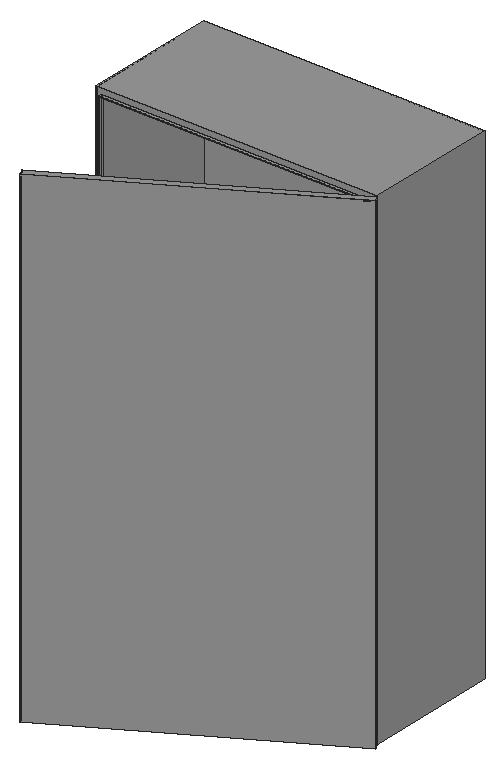
Revit family "Hager-Univers-IP55-D400-H1400-Cl.II-Steel_encl-NoHosted-DE-de", category Equipement électrique, Revit 2020
Family settings
  Configuration du panneau = Deux colonnes, circuits au sein
  Cote de connecteur circulaire = Utiliser le diamètre
  Type d'élément = Tableau de raccordement
  Basée sur le plan de construction = Oui
  Toujours verticalement = Oui
  Couper avec des vides une fois chargée = Non
  Partagée = Non
  Point de calcul de pièce = Non
Parameters (values of type "Aufputz IP55 B800 H1400 T400  - FR93H")
  Width Control [instance] = if([EF000008 - Breite] > Min Width, [EF000008 - Breite], Min Width)  # 800 mm
  Commentaires du type = [HG000003 - Bereich]  # "Univers"
  Thickness Door [instance] = if([EF009171 - Materialstärke Tür/Deckel] > 3 mm, 3 mm, [EF009171 - Materialstärke Tür/Deckel])  # 1.5 mm
  Seal Frame Offset [instance] = 17 mm  # constant formula
  Plinth Visibility [instance] = [HG000027 - Sockelhöhe] > 0 mm  # no
  Min Width [instance] = 100 mm  # constant formula
  Min Depth [instance] = (2 * [EF009170 - Materialstärke Gehäuse]) + 1 mm  # 4 mm
  Min Height [instance] = 100 mm  # constant formula
  Internal Frame Depth [instance] = (Door System Depth * 0.5)  # 9 mm
  Panel Name [instance] = ""  # (empty or 0)
  Model = ""
  HG000027 - Sockelhöhe = 0 mm
  HG000026 - Stehend auf dem Boden = no
  HG000024 - Höhe des unteren Teils = 600 mm
  HG000023 - Gehäuse mit doppeltem Querschnitt = no
  HG000016 - 3D-Türsichtbarkeit [instance] = yes
  HG000015 - Sichtbarkeit der Türöffnung [instance] = no
  HG000014 - Tür rechts [instance] = yes
  HG000013 - Tür links [instance] = not([HG000014 - Tür rechts])  # no
  HG000012 - Türschwenkwinkel [instance] = 30.00°
  HG000010 - Asymmetrische Türen = no
  HG000009 - Doppelflügeligen Tür = no
  HG000006 - Unterputz = no
  HG000004 - Herstellerreferenz = "FR93H"
  HG000003 - Bereich = "Univers"
  HG000002 - Mit tür = yes
  Frame Offset Bottom [instance] = 10 mm  # constant formula
  Frame Offset [instance] = 15 mm  # constant formula
  EF015940 - Deckel mit Überdruckentlastung = no
  EF011959 - Schutzart (NEMA) = ""
  EF009554 - Anzahl der Öffnungen für Flanschplatten = 6
  EF009212 - Ausführung Deckel = "EV000116 - geschlossen"
  EF009171 - Materialstärke Tür/Deckel = 1.5 mm
  EF009170 - Materialstärke Gehäuse = 1.5 mm
  EF008873 - Nennstrom (In) = 800 A
  EF007800 - Geeignet für Blitzschutz = no
  EF006306 - Mit Schloss = no
  EF006244 - Transparenter Deckel/Tür = no
  EF005474 - Schutzart (IP) = "EV006420 - IP55"
  EF004464 - Art der Tür = "EV002646 - Einzel"
  EF004427 - Anzahl der Module = 324
  EF004293 - Schlagfestigkeit = "EV008784 - IK10"
  EF003532 - Geeignet für Außengebrauch = no
  EF002950 - Breite in Teilungseinheiten = 24
  EF001613 - Funktionserhalt = "EV000494 - ohne"
  EF001596 - Werkstoff des Gehäuses = "EV000179 - Stahl"
  EF001131 - Innentiefe = 400 mm
  EF001088 - Anbaumöglichkeit = yes
  EF000437 - Anzahl der Leitungseinführungen = 6
  EF000339 - Art der Abdeckung = "EV004216 - Tür"
  EF000266 - Anzahl der Reihen = 9
  EF000218 - Einbautiefe = 0 mm
  EF000118 - Mit Montageplatte = no
  EF000116 - RAL-Nummer = "7035"
  EF000049 - Tiefe = 400 mm
  EF000040 - Höhe = 1400 mm
  EF000008 - Breite = 800 mm
  EF000007 - Farbe = "EV000270 - grau"
  EF000003 - Montageart = "EV000384 - Aufputz"
  Door System Leaf Tolerance [instance] = 1.5 mm  # constant formula
  Door System Depth [instance] = 18 mm  # constant formula
  Door Height [instance] = Height Control - [HG000027 - Sockelhöhe]  # 1400 mm
  Description = ""
  Default Elevation = 1219.2 mm
  Connector Offset [instance] = Height Control / 2  # 700 mm
  Fabricant = "Hager"  # constant formula
  Height Control [instance] = if([EF000040 - Höhe] > Min Height, [EF000040 - Höhe], Min Height)  # 1400 mm
  Depth Control [instance] = if([EF000049 - Tiefe] > Min Depth, [EF000049 - Tiefe], Min Depth)  # 400 mm
  Bottom Top Plate Trim [instance] = 1.5 mm  # constant formula
  Plinth height Ctrl [instance] = if([HG000027 - Sockelhöhe] > 0 mm, [HG000027 - Sockelhöhe], 12 mm)  # 12 mm
Types (3, lengths in mm): name | Width Control | HG000009 - Doppelflügeligen Tür | HG000004 - Herstellerreferenz | EF009554 - Anzahl der Öffnungen für Flanschplatten | EF004464 - Art der Tür | EF004427 - Anzahl der Module | EF000437 - Anzahl der Leitungseinführungen | EF000008 - Breite
  Aufputz IP55 B1050 H1400 T400  - FR94H | 1050 | yes | "FR94H" | 8 | "EV003602 - Doppel" | 432 | 8 | 1050
  Aufputz IP55 B550 H1400 T400  - FR92H | 550 | no | "FR92H" | 4 | "EV002646 - Einzel" | 216 | 4 | 550
  Aufputz IP55 B800 H1400 T400  - FR93H | 800 | no | "FR93H" | 6 | "EV002646 - Einzel" | 324 | 6 | 800
Reference planes
  plane 1 "Center (Front/Back)": y = 0
  plane 2: z = 0
  plane 3 "Center (Left/Right)": x = 0
  plane 4: y = 0
  plane 5: y = 0
  plane 6: z = 0
  plane 7: x = -400
  plane 8: x = 400
  plane 9: x = 398.5
  plane 10: x = -398.5
  plane 11: z = 0
  plane 12: z = 1.5
  plane 13: y = -400
  plane 14: y = -1.5
  plane 15: x = 0
  plane 16: y = -382
  plane 17: y = -398.5
  plane 18: y = -380.5
  plane 19: x = -383.5
  plane 20: x = 383.5
  plane 21: z = 11.5
  plane 22: x = -383
  plane 23: x = 383
  plane 24: z = 0
  plane 25: z = 1400
  plane 26: z = 1400
  plane 27: z = 1383.5
  plane 28: z = 1398.5
Forms (mm)
  Extrusion 1, solid, material "Hager_Steel_RAL7035_Light_Grey", detail levels medium+fine
    sketch origin (-208.679, -4572, 0) x (-1, 0, 0) y (0, -1, 0)
      loop
        line (191.321, -4190) -> (-608.679, -4190) -> (-608.679, -4572) -> (191.321, -4572) -> (191.321, -4190)
    from 0 to 1400
  Extrusion 2, void
    sketch origin (-350.771, -400, 1219.2) x (1, 0, 0) y (0, 0, 1)
      loop
        line (-47.729, 179.3) -> (-47.729, -1217.7) -> (749.271, -1217.7) -> (749.271, 179.3) -> (-47.729, 179.3)
    from -19.5 to -398.5
  Extrusion 3, void
    sketch origin (-290.084, -382, 1219.2) x (1, 0, 0) y (0, 0, 1)
      loop
        line (-93.416, -1207.7) -> (673.584, -1207.7) -> (673.584, 164.3) -> (-93.416, 164.3) -> (-93.416, -1207.7)
    from 0 to -1.5
  Extrusion 4, solid, material "Hager_Steel_RAL7035_Light_Grey", visible <- "Plinth Visibility", detail levels medium+fine
    sketch origin (0, 0, 0) x (1, 0, 0) y (0, 1, 0)
      loop
        line (-400, 0) -> (-400, -382) -> (400, -382) -> (400, 0) -> (-400, 0)
    from 0 to 12 <- "Plinth height Ctrl"
  Extrusion 5, solid, material "Hager_Steel_RAL7035_Light_Grey", detail levels coarse
    sketch origin (0, 0, 0) x (1, 0, 0) y (0, 1, 0)
      loop
        line (-400, 0) -> (-400, -400) -> (400, -400) -> (400, 0) -> (-400, 0)
    from 0 to 1400 <- "Height Control"
  Sweep 6, void
    path in 3D
      loop
        line (-400, -382, 12) -> (400, -382, 12) -> (400, 0, 12) -> (-400, 0, 12) -> (-400, -382, 12)
    profile origin (-400, -191, 12) x (1, 0, 0) y (0, 0, 1)
      loop
        line (0, 0) -> (0, -1.5) -> (1.5, -1.5)
        arc (1.5, -1.5) -> (1.061, -0.439) -> (0, 0) r 1.5
  Extrusion 7, solid, material "Hager_Steel_RAL7035_Light_Grey", detail levels fine
    sketch origin (-400, -382, 0) x (1, 0, 0) y (0, 0, 1)
      loop
        line (16.5, 11.5) -> (783.5, 11.5) -> (783.5, 1383.5) -> (16.5, 1383.5) -> (16.5, 11.5)
      loop
        line (15, 10) -> (785, 10) -> (785, 1385) -> (15, 1385) -> (15, 10)
    from 0 to 9 <- "Internal Frame Depth"
Cuts and joins
  Extrusion 2, Extrusion 3 cuts Extrusion 1
  Sweep 6 cuts Extrusion 4
Lines and regions (mm)
  Masking region 1
    outline origin (0, 0, 0) x (1, 0, 0) y (0, 1, 0)
      loop
        line (-400, 0) -> (-400, -400) -> (400, -400) -> (400, 0) -> (-400, 0)
  Masking region 2, detail levels coarse
    outline origin (-290.084, -382, 1219.2) x (-1, 0, 0) y (0, 0, 1)
      loop
        line (-690.084, -1219.2) -> (109.916, -1219.2) -> (109.916, 180.8) -> (-690.084, 180.8) -> (-690.084, -1219.2)
  Masking region 3, detail levels coarse
    outline origin (0, 0, 0) x (0, 1, 0) y (0, 0, 1)
      loop
        line (0, 0) -> (0, 1400) -> (-400, 1400) -> (-400, 0) -> (0, 0)
  Masking region 4, visible <- "Plinth Visibility", detail levels medium+fine
    outline origin (0, 0, 0) x (0, 1, 0) y (0, 0, 1)
      loop
        line (-1.5, 12) -> (-380.5, 12)
        arc (-380.5, 12) -> (-380.939, 10.939) -> (-382, 10.5) r 1.5
        line (-382, 10.5) -> (-382, 0) -> (0, 0) -> (0, 10.5)
        arc (0, 10.5) -> (-1.061, 10.939) -> (-1.5, 12) r 1.5
  Masking region 5, detail levels medium+fine
    outline origin (0, 0, 594.038) x (0, 1, 0) y (0, 0, 1)
      loop
        line (0, -594.038) -> (0, 805.962) -> (-382, 805.962) -> (-382, -594.038) -> (0, -594.038)
  Masking region 6, detail levels medium+fine
    outline origin (-359.7, -382, 1211.883) x (-1, 0, 0) y (0, 0, 1)
      loop
        line (-759.7, -1211.883) -> (40.3, -1211.883) -> (40.3, 188.117) -> (-759.7, 188.117) -> (-759.7, -1211.883)
  Masking region 7, visible <- "Plinth Visibility", detail levels medium+fine
    outline origin (-320.334, -382, 1041.368) x (-1, 0, 0) y (0, 0, 1)
      loop
        line (-720.334, -1041.368) -> (79.666, -1041.368) -> (79.666, -1030.868)
        arc (79.666, -1030.868) -> (78.606, -1030.429) -> (78.166, -1029.368) r 1.5
        line (78.166, -1029.368) -> (-718.834, -1029.368)
        arc (-718.834, -1029.368) -> (-719.273, -1030.429) -> (-720.334, -1030.868) r 1.5
        line (-720.334, -1030.868) -> (-720.334, -1041.368)
  sketch lines
    curve 1: line (-400, 0, 12) -> (-400, -382, 12)
    curve 2: line (-400, -382, 12) -> (400, -382, 12)
    curve 3: line (400, 0, 12) -> (-400, 0, 12)
    curve 4: line (400, -382, 12) -> (400, 0, 12)
Dimensions and locks
  locked: plane 1 "Center (Front/Back)" to plane 5
  "EF009170 - Materialstärke Gehäuse": plane 7 to plane 10
  "EF009170 - Materialstärke Gehäuse": plane 8 to plane 9
  equal spacing: plane 7, plane 3 "Center (Left/Right)", plane 8
  "Width Control": plane 7 to plane 8
  "Depth Control": plane 4 to plane 13
  "EF009170 - Materialstärke Gehäuse": plane 4 to plane 14
  "Height Control": plane 25 to level
  "HG000027 - Sockelhöhe": plane 11 to level
  "EF009170 - Materialstärke Gehäuse": plane 12 to plane 11
  "EF009170 - Materialstärke Gehäuse": plane 17 to plane 13
  "EF009170 - Materialstärke Gehäuse": plane 18 to plane 16
  "Frame Offset Bottom": plane 21 to plane 12
  "Frame Offset": plane 10 to plane 19
  "Frame Offset": plane 9 to plane 20
  "Door System Depth": plane 16 to plane 13
  "Seal Frame Offset": plane 7 to plane 22
  "Seal Frame Offset": plane 8 to plane 23
  "EF009170 - Materialstärke Gehäuse": plane 26 to plane 28
  "Frame Offset": plane 28 to plane 27
  "Connector Offset": plane 2 to connector elem
  "Bottom Top Plate Trim": profile plane to Sweep 6 sketch curve
  "Bottom Top Plate Trim": Sweep 6 sketch curve to Sweep 6 sketch curve
  "Plinth height Ctrl": Masking region 4 sketch curve to level
  "Plinth height Ctrl": Masking region 7 sketch curve to level
  "Thickness Door": Extrusion 7 sketch curve to Extrusion 7 sketch curve  (x4)
  "Bottom Top Plate Trim": radius of Sweep 6 sketch curve
  "Bottom Top Plate Trim": radius of Masking region 4 sketch curve  (x2)
  "Bottom Top Plate Trim": radius of Masking region 7 sketch curve  (x2)
  aligned and locked: Extrusion 2 sketch curve to plane 12
  aligned and locked: Extrusion 2 sketch curve to plane 9
  aligned and locked: Extrusion 2 sketch curve to plane 10
  aligned and locked: Extrusion 2 to plane 14
  aligned and locked: Extrusion 1 sketch curve to plane 4
  aligned and locked: plane 8 to Extrusion 1 sketch curve
  aligned and locked: plane 7 to Extrusion 1 sketch curve
  aligned and locked: Extrusion 2 to plane 18
  aligned and locked: Extrusion 3 sketch curve to plane 19
  aligned and locked: plane 20 to Extrusion 3 sketch curve
  aligned and locked: Extrusion 3 to Extrusion 2
  aligned and locked: Extrusion 3 sketch curve to plane 21
  aligned and locked: plane 3 "Center (Left/Right)" to nested 1
  aligned and locked: Extrusion 1 sketch curve to plane 16
  aligned and locked: Extrusion 4 sketch curve to cut or joined group of Extrusion 1, Extrusion 2, Extrusion 3
  aligned and locked: Masking region 1 sketch curve to plane 7
  aligned and locked: Masking region 1 sketch curve to plane 5
  aligned and locked: Masking region 1 sketch curve to plane 8
  aligned and locked: Masking region 2 sketch curve to level
  aligned and locked: level to Masking region 3 sketch curve
  aligned and locked: plane 1 "Center (Front/Back)" to Masking region 3 sketch curve
  aligned and locked: plane 13 to Masking region 3 sketch curve
  aligned and locked: plane 5 to Masking region 4 sketch curve
  aligned and locked: Masking region 2 sketch curve to plane 8
  aligned and locked: Masking region 2 sketch curve to plane 7
  aligned and locked: plane 7 to nested 2
  aligned and locked: nested 2 to plane 5
  aligned and locked: plane 5 to Masking region 5 sketch curve
  aligned and locked: plane 26 to Masking region 5 sketch curve
  aligned and locked: Extrusion 5 sketch curve to plane 8
  aligned and locked: Extrusion 5 sketch curve to plane 7
  aligned and locked: Extrusion 5 sketch curve to plane 5
  aligned and locked: Extrusion 3 sketch curve to plane 27
  aligned and locked: Extrusion 2 sketch curve to plane 28
  aligned and locked: Masking region 2 to plane 25
  aligned and locked: Extrusion 4 to plane 16
  aligned and locked: profile plane to Sweep 6 sketch curve
  aligned and locked: Masking region 5 sketch curve to plane 24
  aligned and locked: level to Masking region 4 sketch curve
  aligned and locked: Masking region 1 to plane 13
  aligned and locked: nested 1 to plane 16
  aligned and locked: Masking region 3 to plane 25
  aligned and locked: plane 16 to Masking region 4 sketch curve
  aligned and locked: Masking region 5 sketch curve to plane 16
  aligned and locked: plane 24 to plane 11
  aligned and locked: plane 26 to plane 25
  aligned and locked: plane 26 to cut or joined group of Extrusion 1, Extrusion 2, Extrusion 3
  aligned and locked: nested 1 to plane 24
  aligned and locked: Extrusion 1 to Extrusion 3
  aligned and locked: Masking region 6 sketch curve to plane 8
  aligned and locked: Masking region 6 sketch curve to plane 24
  aligned and locked: Masking region 6 sketch curve to plane 7
  aligned and locked: Masking region 6 sketch curve to plane 26
  aligned and locked: Masking region 7 sketch curve to plane 7
  aligned and locked: level to Masking region 7 sketch curve
  aligned and locked: Masking region 7 sketch curve to plane 8
  aligned and locked: Extrusion 7 sketch curve to cut or joined group of Extrusion 1, Extrusion 2, Extrusion 3  (x4)
Automatic sketch dimensions
  plane 19 to Extrusion 3 sketch curve = 0 mm
  Extrusion 3 sketch curve to plane 20 = 0 mm
  Extrusion 3 sketch curve to plane 21 = 0 mm
  Extrusion 4 sketch curve to plane 7 = 0 mm
  Extrusion 4 sketch curve to plane 8 = 0 mm
  Extrusion 4 sketch curve to plane 16 = 0 mm
  Masking region 1 sketch curve to plane 13 = 0 mm
  Masking region 2 sketch curve to plane 25 = 0 mm
  Masking region 3 sketch curve to plane 25 = 0 mm
  Extrusion 5 sketch curve to plane 13 = 0 mm
  profile plane to Sweep 6 sketch curve = 0 mm
Nested families
  nested 1: "EC000058_Univers_Door" at (0, -382, 0), Double <- "HG000009 - Doppelflügeligen Tür", Transparent <- "EF006244 - Transparenter Deckel/Tür", Angle <- "HG000012 - Türschwenkwinkel", Door_Right <- "HG000014 - Tür rechts", Assymetrical <- "HG000010 - Asymmetrische Türen", Door <- "HG000002 - Mit tür", Width_Ctrl <- "Width Control", 3d_Door <- "HG000016 - 3D-Türsichtbarkeit", Clearance <- "HG000015 - Sichtbarkeit der Türöffnung", Door_Left <- "HG000013 - Tür links", Width <- "Width Control", Door_Depth <- "Door System Depth", Leaf_Tolerance <- "Door System Leaf Tolerance", Height <- "Door Height", Lock_Visibility <- "EF006306 - Mit Schloss", Thickness <- "Thickness Door", type "EC000058_Univers_Door", detail levels medium+fine
    with min_wh 4 mm, Width_Ctrl 800 mm, Width 800 mm, Transparent no, Thickness 1.5 mm, Seal_Material Hager_Rubber, Lock_Visibility no, Lock_Material Hager_Plastic_RAL9005_Jet_Black, Leaf_Width 800 mm, Leaf_Tolerance_External_Sides 0 mm, Leaf_Tolerance 1.5 mm, Leaf_Offset 0 mm, Leaf_Height 1397 mm, Leaf_2_Width 800 mm, Leaf_2_Offset 400 mm, Leaf_1_Width 800 mm, Leaf_1_Offset 400 mm, Height_Ctrl 1400 mm, Height 1400 mm, Glass_Material Hager_Glass, Double_Clearance_Ctrl no, Double no, Door_Right_Ctrl yes, Door_Right yes, Door_Material Hager_Steel_RAL7035_Light_Grey, Door_Left_Ctrl no, Door_Left no, Door_Depth 18 mm, Door yes, Clearance_Material Hager_Clearance, Clearance_Depth 800 mm, Clearance_Ctrl no, Clearance no, Assymetrical no, Angle 30.00°, 3d_Door yes
  nested 2: "Hager_Enclosure_Symbol" at (-400, 0, 0), Height <- "Depth Control", Width <- "Width Control", type "Hager_Enclosure_Symbol"
    with Width_Ctrl 800 mm, Width 800 mm, Height_Ctrl 400 mm, Height 400 mm, A_Width_Int 26.25 mm, A_Width 315 mm, A_Height_Ctrl 350 mm, A_Height 350 mm
Connectors
  electrical at (0, 0, 700)
    settings: on plane 1 "Center (Front/Back)", index 1, voltage 0 V, apparent load 0 VA, apparent load phase1 0 VA, apparent load phase2 0 VA, apparent load phase3 0 VA, power factor 1, load classification "Other", number of poles 1, system type 30, power factor state 1, is connector primary yes, connector utility no, sub classification motor no, connector description ""
Definition of nested family "EC000058_Univers_Door"
  Parameters (values of type "EC000058_Univers_Door")
    min_wh [instance] = (2 * Thickness) + 1 mm  # 11 mm
    Width_Ctrl [instance] = 400 mm
    Width [instance] = 500 mm
    Transparent [instance] = yes
    Thickness [instance] = 5 mm
    Seal_Material [instance] = none
    Lock_Visibility [instance] = yes
    Lock_Material [instance] = none
    Leaf_Width [instance] = if((Width_Ctrl - 2 * Leaf_Tolerance_External_Sides) > 0 mm, (Width_Ctrl - 2 * Leaf_Tolerance_External_Sides), min_wh)  # 400 mm
    Leaf_Tolerance_External_Sides [instance] = 0 mm  # constant formula
    Leaf_Tolerance [instance] = 1.5 mm
    Leaf_Offset [instance] = 0 mm  # constant formula
    Leaf_Height [instance] = if((Height_Ctrl - 2 * Leaf_Tolerance) > 0 mm, (Height_Ctrl - 2 * Leaf_Tolerance), min_wh)  # 497 mm
    Leaf_2_Width [instance] = if(and(and(Double, Assymetrical), Door_Left), (Leaf_Width / 3) - (Leaf_Tolerance / 2), if(and(and(Double, Assymetrical), Door_Right), (Leaf_Width / 3) * 2 - (Leaf_Tolerance / 2), if(and(Double, not(Assymetrical)), (Leaf_Width / 2) - Leaf_Tolerance, Leaf_Width)))  # 400 mm
    Leaf_2_Offset [instance] = if(and(Double, Assymetrical), Leaf_2_Width / 2, if(and(Double, not(Assymetrical)), Leaf_Width / 4, Leaf_Width / 2))  # 200 mm
    Leaf_1_Width [instance] = if(and(and(Double, Assymetrical), Door_Right), (Leaf_Width / 3) - (Leaf_Tolerance / 2), if(and(and(Double, Assymetrical), Door_Left), (Width / 3) * 2 - (Leaf_Tolerance / 2), if(and(Double, not(Assymetrical)), (Leaf_Width / 2) - Leaf_Tolerance, Leaf_Width)))  # 400 mm
    Leaf_1_Offset [instance] = if(and(Double, Assymetrical), Leaf_1_Width / 2, if(and(Double, not(Assymetrical)), Leaf_Width / 4, Leaf_Width / 2))  # 200 mm
    Height_Ctrl [instance] = if(Height > min_wh, Height, min_wh)  # 500 mm
    Height [instance] = 500 mm
    Glass_Material [instance] = none
    Double_Clearance_Ctrl [instance] = and(Double, Clearance)  # no
    Double [instance] = no
    Door_Right_Ctrl [instance] = and(or(Door_Right, Double), Door)  # yes
    Door_Right [instance] = yes
    Door_Material [instance] = none
    Door_Left_Ctrl [instance] = and(or(Door_Left, Double), Door)  # no
    Door_Left [instance] = no
    Door_Depth [instance] = 30 mm
    Door [instance] = yes
    Default Elevation = 1219.2 mm
    Clearance_Material [instance] = none
    Clearance_Depth [instance] = if(Leaf_1_Width > Leaf_2_Width, Leaf_1_Width, Leaf_2_Width)  # 400 mm
    Clearance_Ctrl [instance] = and(not(Double), Clearance)  # yes
    Clearance [instance] = yes
    Assymetrical [instance] = yes
    Angle [instance] = 30.00°
    3d_Door [instance] = yes
  Reference planes
    plane 1 "Center (Front/Back)": y = 0
    plane 2 "Bottom": z = 0
    plane 3 "Center (Left/Right)": x = 0
    plane 4: z = 500
    plane 5: x = -200
    plane 6: x = 200
    plane 7: z = 500
    plane 8: x = -200
    plane 9: z = 0
    plane 10: x = 200
    plane 11: y = 0
    plane 12: z = 1.5
    plane 13: x = -600
    plane 14: y = -400
    plane 15: x = 600
    plane 16: x = 0
    plane 17: x = 0
    plane 18: x = -200
    plane 19: x = 200
    plane 20: z = 498.5
  Forms (mm)
    Extrusion 1, solid, material <- "Clearance_Material", visible <- "Double_Clearance_Ctrl"
      sketch origin (1200, 0, 0) x (1, 0, 0) y (0, 0, -1)
        loop
          line (-1800, -498.5) -> (-600, -498.5) -> (-600, 0) -> (-1800, 0) -> (-1800, -498.5)
      from 0 to -400
  Dimensions and locks
    equal spacing: plane 5, plane 3 "Center (Left/Right)", plane 6
    "Width_Ctrl": plane 5 to plane 6
    "Leaf_Offset": plane 5 to plane 8
    "Leaf_Offset": plane 6 to plane 10
    "Leaf_Offset": plane 9 to level
    "Leaf_Offset": plane 4 to plane 7
    "Height_Ctrl": plane 4 to level
    "Leaf_Tolerance": plane 12 to plane 9
    locked: plane 11 to plane 1 "Center (Front/Back)"
    "Leaf_1_Offset": plane 18 to plane 16
    "Leaf_2_Offset": plane 17 to plane 19
    "Leaf_1_Width": plane 13 to plane 8
    "Leaf_2_Width": plane 10 to plane 15
    "Clearance_Depth": plane 14 to plane 1 "Center (Front/Back)"
    "Leaf_Tolerance_External_Sides": plane 8 to plane 18
    "Leaf_Tolerance_External_Sides": plane 19 to plane 10
    "Leaf_Tolerance": plane 7 to plane 20
    aligned and locked: level to plane 2 "Bottom"
    aligned and locked: nested 1 to plane 16
    aligned and locked: nested 2 to plane 17
    aligned and locked: Extrusion 1 to plane 13
    aligned and locked: plane 15 to Extrusion 1
    aligned and locked: Extrusion 1 to plane 14
    aligned and locked: plane 12 to nested 1
    aligned and locked: nested 2 to plane 12
    aligned and locked: Extrusion 1 to plane 11
    aligned and locked: plane 20 to Extrusion 1
    aligned and locked: nested 2 to plane 11
    aligned and locked: nested 1 to plane 11
  Automatic sketch dimensions
    Extrusion 1 sketch curve to level = 0 mm
    plane 5 to Extrusion 1 sketch curve = 400 mm
    plane 6 to Extrusion 1 sketch curve = 400 mm
    Extrusion 1 sketch curve to plane 4 = 1.5 mm
  Nested families
    nested 1: "EC000058_Univers_Door_Leaf" at (0, 0, 1.5), Width <- "Leaf_1_Width", visible <- "Door_Left_Ctrl", Leaf_Height <- "Leaf_Height", Angle <- "Angle", 3d_Door <- "3d_Door", Transparent <- "Transparent", Clearance Material <- "Clearance_Material", Clearance <- "Clearance_Ctrl", Door_Material <- "Door_Material", Glass_Material <- "Glass_Material", Door_Depth <- "Door_Depth", Lock_Material <- "Lock_Material", Seal_Material <- "Seal_Material", Lock_Visibility <- "Lock_Visibility", Thickness <- "Thickness", type "EC000058_Univers_Door_Leaf"
      with Width 400 mm, Transparent_Glass_Offset 30 mm, Transparent_Ctrl yes, Transparent yes, Thickness 5 mm, Standard no, Seal_Material none, Seal_D2 8 mm, Seal_D1 1 mm, Offset_Internal_Frame 10 mm, Lock_Width 20 mm, Lock_Visibility_3d yes, Lock_Visibility yes, Lock_Thickness_3 3 mm, Lock_Thickness_2 1 mm, Lock_Thickness_1 3 mm, Lock_Radius_Offset_2 16 mm, Lock_Radius_Offset_1 15 mm, Lock_Radius_2 5 mm, Lock_Radius 6 mm, Lock_Offset 5 mm, Lock_Material none, Lock_Height 80 mm, Lock_Cover_Top_Offset_2d 17 mm, Lock_Cover_Height -65 mm, Leaf_Height 497 mm, Internal_Seal_Thickness 8 mm, Internal_Seal_Depth_2 4.5 mm, Internal_Frame_Depth 25 mm, Glass_Thickness -1 mm, Glass_Offset -2 mm, Glass_Material none, Door_Material none, Door_Depth 30 mm, Clearance Material none, Clearance yes, Angle_Ctrl 30.00°, Angle 30.00°, 3d_Door yes
    nested 2: "EC000058_Univers_Door_Leaf" at (0, 0, 1.5) x (-1, 0, 0) z (0, 0, 1), Width <- "Leaf_2_Width", visible <- "Door_Right_Ctrl", Leaf_Height <- "Leaf_Height", Angle <- "Angle", 3d_Door <- "3d_Door", Transparent <- "Transparent", Clearance Material <- "Clearance_Material", Clearance <- "Clearance_Ctrl", Door_Material <- "Door_Material", Glass_Material <- "Glass_Material", Door_Depth <- "Door_Depth", Lock_Material <- "Lock_Material", Seal_Material <- "Seal_Material", Lock_Visibility <- "Lock_Visibility", Thickness <- "Thickness", type "EC000058_Univers_Door_Leaf"
      with Width 400 mm, Transparent_Glass_Offset 30 mm, Transparent_Ctrl yes, Transparent yes, Thickness 5 mm, Standard no, Seal_Material none, Seal_D2 8 mm, Seal_D1 1 mm, Offset_Internal_Frame 10 mm, Lock_Width 20 mm, Lock_Visibility_3d yes, Lock_Visibility yes, Lock_Thickness_3 3 mm, Lock_Thickness_2 1 mm, Lock_Thickness_1 3 mm, Lock_Radius_Offset_2 16 mm, Lock_Radius_Offset_1 15 mm, Lock_Radius_2 5 mm, Lock_Radius 6 mm, Lock_Offset 5 mm, Lock_Material none, Lock_Height 80 mm, Lock_Cover_Top_Offset_2d 17 mm, Lock_Cover_Height -65 mm, Leaf_Height 497 mm, Internal_Seal_Thickness 8 mm, Internal_Seal_Depth_2 4.5 mm, Internal_Frame_Depth 25 mm, Glass_Thickness -1 mm, Glass_Offset -2 mm, Glass_Material none, Door_Material none, Door_Depth 30 mm, Clearance Material none, Clearance yes, Angle_Ctrl 30.00°, Angle 30.00°, 3d_Door yes
  Definition of nested family "EC000058_Univers_Door_Leaf"
    Parameters (values of type "EC000058_Univers_Door_Leaf")
      Width [instance] = 2000 mm
      Transparent_Glass_Offset [instance] = 30 mm
      Transparent_Ctrl [instance] = and(Transparent, [3d_Door])  # yes
      Transparent [instance] = yes
      Thickness [instance] = 5 mm
      Standard [instance] = and(not(Transparent), [3d_Door])  # no
      Seal_Material [instance] = none
      Seal_D2 [instance] = 8 mm  # constant formula
      Seal_D1 [instance] = 1 mm  # constant formula
      Offset_Internal_Frame [instance] = 10 mm  # constant formula
      Lock_Width [instance] = 20 mm  # constant formula
      Lock_Visibility_3d [instance] = and(Lock_Visibility, [3d_Door])  # yes
      Lock_Visibility [instance] = yes
      Lock_Thickness_3 [instance] = 3 mm  # constant formula
      Lock_Thickness_2 [instance] = 1 mm  # constant formula
      Lock_Thickness_1 [instance] = 3 mm  # constant formula
      Lock_Radius_Offset_2 [instance] = Lock_Radius_Offset_1 + 1 mm  # 16 mm
      Lock_Radius_Offset_1 [instance] = 15 mm  # constant formula
      Lock_Radius_2 [instance] = Lock_Radius - 1 mm  # 5 mm
      Lock_Radius [instance] = 6 mm  # constant formula
      Lock_Offset [instance] = 5 mm  # constant formula
      Lock_Material [instance] = none
      Lock_Height [instance] = 80 mm  # constant formula
      Lock_Cover_Top_Offset_2d [instance] = Lock_Radius_Offset_2 + 1 mm  # 17 mm
      Lock_Cover_Height [instance] = -(Lock_Height - Lock_Radius_Offset_1)  # -65 mm
      Leaf_Height [instance] = 2720.336 mm
      Internal_Seal_Thickness [instance] = 8 mm  # constant formula
      Internal_Seal_Depth_2 [instance] = 4.5 mm  # constant formula
      Internal_Frame_Depth [instance] = if(Door_Depth - Thickness > 5 mm, Door_Depth - Thickness, 5 mm)  # 25 mm
      Glass_Thickness [instance] = if(Thickness > 15 mm, Glass_Offset + 10 mm, -1 mm)  # -1 mm
      Glass_Offset [instance] = if(Thickness > 15 mm, -(Thickness + 10 mm) / 2, -2 mm)  # -2 mm
      Glass_Material [instance] = none
      Door_Material [instance] = none
      Door_Depth [instance] = 30 mm
      Default Elevation = 0 mm
      Clearance Material [instance] = none
      Clearance [instance] = yes
      Angle_Ctrl [instance] = if(Angle > 180.00°, 180.00°, Angle)  # 90.00°
      Angle [instance] = 90.00°
      3d_Door [instance] = yes
    Reference planes
      plane 1 "Center (Front/Back)": y = 0
      plane 2: z = 0
      plane 3 "Center (Left/Right)": x = 0
      plane 4: y = 2000
      plane 5: x = -1000
      plane 6: x = 1000
      plane 7: x = -3000
      plane 8: z = 2720.336
      plane 9: z = 30
      plane 10: z = 2690.336
      plane 11: x = 970
      plane 12: x = -970
      plane 13: y = -3
      plane 14: z = 107.833
      plane 15: y = -5
      plane 16: y = -223.314
      plane 17: x = -1000
      plane 18: z = 1360.168
      plane 19: y = 30
    Forms (mm)
      Extrusion 1, solid, material <- "Clearance Material", visible <- "Clearance"
        sketch origin (0, 0, 0) x (1, 0, 0) y (0, 0, 1)
          loop
            line (-3000, 2720.336) -> (-3000, 0) -> (1000, 0) -> (1000, 2720.336) -> (-3000, 2720.336)
        from 0 to -2000
      Extrusion 2, solid, material <- "Door_Material", visible <- "Standard", detail levels medium+fine
        sketch origin (-1000, 0, 0) x (0, 1, 0) y (-1, 0, 0)
          loop
            line (0, 30) -> (0, 25) -> (2000, 25) -> (2000, 30) -> (0, 30)
        from 0 to 2720.336 <- "Leaf_Height"
      Extrusion 3, solid, material <- "Door_Material", visible <- "Transparent_Ctrl", detail levels medium+fine
        sketch origin (-1000, 0, 0) x (0, 1, 0) y (-1, 0, 0)
          loop
            line (0, 25) -> (2000, 25) -> (2000, 30) -> (0, 30) -> (0, 25)
        from 0 to 2720.336 <- "Leaf_Height"
      Extrusion 4, void
        sketch origin (-1025, 2000, 0) x (0, 1, 0) y (0, 0, -1)
          loop
            line (-30, -2690.336) -> (-30, -30) -> (-1970, -30) -> (-1970, -2690.336) -> (-30, -2690.336)
        from 0 to 5 <- "Thickness"
      Sweep 5, solid, material <- "Seal_Material", visible <- "Transparent_Ctrl", detail levels fine
        path in 3D
          loop
            line (-1025, 30, 30) -> (-1025, 30, 2690.336) -> (-1025, 1970, 2690.336) -> (-1025, 1970, 30) -> (-1025, 30, 30)
        profile origin (-1025, 1000, 30) x (1, 0, 0) y (0, 0, 1)
          loop
            line (0, 0) -> (0, -8) -> (1, -8) -> (1, 0) -> (0, 0)
      Extrusion 6, solid, material <- "Glass_Material", visible <- "Transparent_Ctrl", detail levels medium+fine
        sketch origin (-1030, 0, 0) x (0, 1, 0) y (0, 0, -1)
          loop
            line (1970, -2690.336) -> (1970, -30) -> (30, -30) -> (30, -2690.336) -> (1970, -2690.336)
        from -2 <- "Glass_Offset" to -1 <- "Glass_Thickness"
      Extrusion 7, solid, material <- "Door_Material", visible <- "3d_Door", detail levels medium+fine
        sketch origin (-1025, 2000, 0) x (0, -1, 0) y (0, 0, -1)
          loop
            line (0, -2720.336) -> (2000, -2720.336) -> (2000, 0) -> (0, 0) -> (0, -2720.336)
          loop
            line (1995, -5) -> (5, -5) -> (5, -2715.336) -> (1995, -2715.336) -> (1995, -5)
        from 0 to 25 <- "Internal_Frame_Depth"
      Sweep 8, solid, material <- "Seal_Material", visible <- "Transparent_Ctrl", detail levels fine
        path in 3D
          loop
            line (-1025, 0, 0) -> (-1025, 2000, 0) -> (-1025, 2000, 2720.336) -> (-1025, 0, 2720.336) -> (-1025, 0, 0)
        profile origin (-1025, 0, 1360.168) x (1, 0, 0) y (0, 1, 0)
          loop
            line (0, 10) -> (2.975, 10)
            arc (2.975, 10) -> (4.053, 10.447) -> (4.5, 11.525) r 1.525
            line (4.5, 11.525) -> (4.5, 16.527)
            arc (4.5, 16.527) -> (4.069, 17.569) -> (3.027, 18) r 1.473
            line (3.027, 18) -> (0, 18) -> (0, 10)
      Extrusion 9, solid, material <- "Lock_Material", visible <- "Lock_Visibility_3d", detail levels fine
        sketch origin (-1030, 0, 0) x (0, 1, 0) y (0, 0, -1)
          loop
            arc (1993.5, -1400.168) -> (1994.561, -1399.729) -> (1995, -1398.668) r 1.5
            line (1995, -1398.668) -> (1995, -1320.168) -> (1975, -1320.168) -> (1975, -1398.668)
            arc (1975, -1398.668) -> (1975.439, -1399.729) -> (1976.5, -1400.168) r 1.5
            line (1976.5, -1400.168) -> (1993.5, -1400.168)
        from 3 <- "Lock_Thickness_1" to 0
      Blend 10, solid, material <- "Lock_Material", visible <- "Lock_Visibility_3d", detail levels fine
        base sketch origin (-1033, 0, 0) x (0, 1, 0) y (0, 0, -1)
          loop
            line (1975, -1320.168) -> (1975, -1398.668)
            arc (1975, -1398.668) -> (1975.439, -1399.729) -> (1976.5, -1400.168) r 1.5
            line (1976.5, -1400.168) -> (1993.5, -1400.168)
            arc (1993.5, -1400.168) -> (1994.561, -1399.729) -> (1995, -1398.668) r 1.5
            line (1995, -1398.668) -> (1995, -1320.168) -> (1975, -1320.168)
        top sketch origin (-1033, 0, 0) x (0, 1, 0) y (0, 0, -1)
          loop
            line (1976, -1320.168) -> (1976, -1398.668)
            arc (1976, -1398.668) -> (1976.146, -1399.022) -> (1976.5, -1399.168) r 0.5
            line (1976.5, -1399.168) -> (1993.5, -1399.168)
            arc (1993.5, -1399.168) -> (1993.854, -1399.022) -> (1994, -1398.668) r 0.5
            line (1994, -1398.668) -> (1994, -1320.168) -> (1976, -1320.168)
        from 0 to 1 <- "Lock_Thickness_2"
      Blend 11, solid, material <- "Lock_Material", visible <- "Lock_Visibility_3d", detail levels fine
        base sketch origin (-1034, 0, 0) x (0, 1, 0) y (0, 0, -1)
          loop
            line (1978, -1320.168) -> (1978, -1384.168)
            arc (1978, -1384.168) -> (1985, -1391.168) -> (1992, -1384.168) r 7
            line (1992, -1384.168) -> (1992, -1320.168) -> (1978, -1320.168)
        top sketch origin (-1034, 0, 0) x (0, 1, 0) y (0, 0, -1)
          loop
            line (1991, -1320.168) -> (1979, -1320.168) -> (1979, -1383.168)
            arc (1979, -1383.168) -> (1985, -1389.168) -> (1991, -1383.168) r 6
            line (1991, -1383.168) -> (1991, -1320.168)
        from 0 to 3 <- "Lock_Thickness_3"
      Extrusion 12, solid, material <- "Lock_Material", visible <- "Lock_Visibility_3d", detail levels fine
        sketch origin (-1030, 1975, 1320.168) x (1, 0, 0) y (0, -1, 0)
          loop
            line (-7, -19) -> (-7, -1) -> (0, -1) -> (0, 0) -> (-8, 0) -> (-8, -20) -> (0, -20) -> (0, -19) -> (-7, -19)
        from 0 to -65 <- "Lock_Cover_Height"
      Extrusion 13, void
        sketch origin (-1038, 1995, 1320.168) x (-1, 0, 0) y (0, 0, -1)
          loop
            line (-5, -65) -> (0, -65) -> (-5, -60) -> (-5, -65)
        from 0 to 20 <- "Lock_Width"
      Extrusion 14, void
        sketch origin (-1038, 1975, 1320.168) x (0, -1, 0) y (0, 0, -1)
          loop
            circle (-10, -15.995) r 6
          loop
            circle (-10, -15.995) r 5
        from 0 to 2
      Extrusion 15, solid, material <- "Lock_Material", visible <- "Lock_Visibility_3d", detail levels medium
        sketch origin (-1030, 0, 0) x (0, 1, 0) y (0, 0, -1)
          loop
            arc (1993.5, -1400.168) -> (1994.561, -1399.729) -> (1995, -1398.668) r 1.5
            line (1995, -1398.668) -> (1995, -1320.168) -> (1975, -1320.168) -> (1975, -1398.668)
            arc (1975, -1398.668) -> (1975.439, -1399.729) -> (1976.5, -1400.168) r 1.5
            line (1976.5, -1400.168) -> (1993.5, -1400.168)
        from 8 to 0
    Cuts and joins
      Extrusion 4 cuts Extrusion 3
      Extrusion 13, Extrusion 14 cuts Extrusion 9
      Extrusion 14 cuts Blend 11
      Extrusion 13, Extrusion 14 cuts Extrusion 12
      joined: Extrusion 9, Blend 10, Blend 11, Extrusion 12
      Extrusion 14 cuts Extrusion 15
    Lines and regions (mm)
      Masking region 1, visible <- "Lock_Visibility", detail levels fine
        outline origin (0, 0, 0) x (0, 1, 0) y (0, 0, 1)
          loop
            line (30, 1320.168) -> (33, 1320.168) -> (33, 1400.168) -> (30, 1400.168) -> (30, 1320.168)
      Masking region 2, visible <- "Lock_Visibility", detail levels fine
        outline origin (0, 3.143, 0) x (0, 1, 0) y (0, 0, 1)
          loop
            line (29.857, 1354.168) -> (30.857, 1354.168) -> (30.857, 1366.168) -> (29.857, 1366.168) -> (29.857, 1354.168)
      Masking region 3, detail levels medium+fine
        outline origin (0, 0, 0) x (0, 1, 0) y (0, 0, 1)
          loop
            line (0, 0) -> (30, 0) -> (30, 2720.336) -> (0, 2720.336) -> (0, 0)
      Masking region 4, detail levels medium+fine
        outline origin (0, 0, 0) x (1, 0, 0) y (0, 0, 1)
          loop
            line (-1000, 2720.336) -> (-1000, 0) -> (1000, 0) -> (1000, 2720.336) -> (-1000, 2720.336)
      Masking region 5, visible <- "Lock_Visibility", detail levels fine
        outline origin (-47.116, 0, 0) x (1, 0, 0) y (0, 0, 1)
          loop
            arc (1024.616, 1399.168) -> (1023.556, 1398.729) -> (1023.116, 1397.668) r 1.5
            line (1023.116, 1397.668) -> (1023.116, 1320.168) -> (1041.116, 1320.168) -> (1041.116, 1397.668)
            arc (1041.116, 1397.668) -> (1040.677, 1398.729) -> (1039.616, 1399.168) r 1.5
            line (1039.616, 1399.168) -> (1024.616, 1399.168)
      Masking region 6, visible <- "Lock_Visibility", detail levels medium+fine
        outline origin (-25, 0, 0) x (1, 0, 0) y (0, 0, 1)
          loop
            arc (1001.5, 1400.168) -> (1000.439, 1399.729) -> (1000, 1398.668) r 1.5
            line (1000, 1398.668) -> (1000, 1320.168) -> (1020, 1320.168) -> (1020, 1398.668)
            arc (1020, 1398.668) -> (1019.561, 1399.729) -> (1018.5, 1400.168) r 1.5
            line (1018.5, 1400.168) -> (1001.5, 1400.168)
      Masking region 7, visible <- "Lock_Visibility", detail levels fine
        outline origin (-73.735, 0, 0) x (1, 0, 0) y (0, 0, 1)
          loop
            line (1051.735, 1382.168) -> (1065.735, 1382.168) -> (1065.735, 1384.168)
            arc (1065.735, 1384.168) -> (1058.735, 1391.168) -> (1051.735, 1384.168) r 7
            line (1051.735, 1384.168) -> (1051.735, 1382.168)
      Masking region 8, visible <- "Lock_Visibility", detail levels fine
        outline origin (-73.735, 0, 0) x (1, 0, 0) y (0, 0, 1)
          loop
            line (1052.735, 1382.168) -> (1064.735, 1382.168) -> (1064.735, 1383.168)
            arc (1064.735, 1383.168) -> (1058.735, 1389.168) -> (1052.735, 1383.168) r 6
            line (1052.735, 1383.168) -> (1052.735, 1382.168)
      Masking region 9, visible <- "Lock_Visibility", detail levels fine
        outline origin (-25, 0, 0) x (1, 0, 0) y (0, 0, 1)
          loop
            line (1020, 1320.168) -> (1020, 1382.168) -> (1000, 1382.168) -> (1000, 1320.168) -> (1020, 1320.168)
      Masking region 10, detail levels medium+fine
        outline origin (0, 0, 0) x (1, 0, 0) y (0, 0, 1)
          loop
            circle (985, 1335.144) r 6
      Masking region 11, detail levels fine
        outline origin (0, 0, 0) x (1, 0, 0) y (0, 0, 1)
          loop
            circle (985, 1335.144) r 5
      Masking region 12, visible <- "Lock_Visibility", detail levels fine
        outline origin (0, 12.767, 0) x (0, 1, 0) y (0, 0, 1)
          loop
            line (20.233, 1320.168) -> (21.233, 1320.168) -> (21.233, 1399.168) -> (20.233, 1400.168) -> (20.233, 1320.168)
      Masking region 13, visible <- "Lock_Visibility", detail levels fine
        outline origin (0, 13.767, -10) x (0, 1, 0) y (0, 0, 1)
          loop
            line (20.233, 1330.168) -> (23.233, 1330.168) -> (23.233, 1399.168) -> (20.233, 1402.168) -> (20.233, 1330.168)
      Masking region 14, visible <- "Lock_Visibility", detail levels fine
        outline origin (0, 12.767, -10) x (0, 1, 0) y (0, 0, 1)
          loop
            line (20.233, 1330.168) -> (25.233, 1330.168) -> (25.233, 1399.305) -> (20.233, 1394.305) -> (20.233, 1330.168)
      Masking region 15, visible <- "Lock_Visibility", detail levels medium
        outline origin (0, 0, 0) x (0, 1, 0) y (0, 0, 1)
          loop
            line (30, 1320.168) -> (38, 1320.168) -> (38, 1400.168) -> (30, 1400.168) -> (30, 1320.168)
      Masking region 16, visible <- "Lock_Visibility", detail levels fine
        outline origin (-1000, 0, 0) x (0, 1, 0) y (-1, 0, 0)
          loop
            line (1975, 30) -> (1995, 30) -> (1995, 38) -> (1975, 38) -> (1975, 30)
          loop
            line (1979, 37) -> (1976, 37) -> (1976, 34) -> (1978, 34) -> (1979, 37)
          loop
            line (1994, 37) -> (1991, 37) -> (1992, 34) -> (1994, 34) -> (1994, 37)
      Masking region 17, visible <- "Lock_Visibility", detail levels medium
        outline origin (-1000, 0, 0) x (0, 1, 0) y (-1, 0, 0)
          loop
            line (1975, 30) -> (1995, 30) -> (1995, 38) -> (1975, 38) -> (1975, 30)
      symbolic lines
        curve 1: line (1000, 0, 0) -> (-3000, 0, 0)
        curve 2: arc (1000, 0, 0) -> (-1000, 2000, 0) -> (-3000, 0, 0) r 2000
        curve 4: line (-1030, 0, 0) -> (-1030, 2000, 0)
      reference lines
        curve 3: line (-1000, 0, 0) -> (-1000, 2000, 0)
      symbolic lines, detail levels medium+fine
        curve 5: line (-1030, 2000, 0) -> (-1025, 2000, 0)
        curve 7: line (-1025, 0, 0) -> (-1030, 0, 0)
        curve 8: line (-1025, 0, 0) -> (-1000, 0, 0)
        curve 9: line (-1000, 0, 0) -> (-1000, 2000, 0)
        curve 10: line (-1000, 2000, 0) -> (-1025, 2000, 0)
      symbolic lines, detail levels fine
        curve 6: line (-1025, 2000, 0) -> (-1025, 0, 0)
      sketch lines
        curve 11: line (-1025, 0, 2720.336) -> (-1025, 0, 0)
        curve 12: line (-1025, 2000, 0) -> (-1025, 0, 0)
        curve 13: line (-1025, 2000, 2720.336) -> (-1025, 2000, 0)
        curve 14: line (-1025, 0, 2720.336) -> (-1025, 2000, 2720.336)
        curve 15: line (-1025, 1970, 30) -> (-1025, 30, 30)
        curve 16: line (-1025, 30, 30) -> (-1025, 30, 2690.336)
        curve 17: line (-1025, 1970, 2690.336) -> (-1025, 1970, 30)
        curve 18: line (-1025, 30, 2690.336) -> (-1025, 1970, 2690.336)
      symbolic lines, visible <- "Transparent", detail levels medium+fine
        curve 19: line (-970, 0, 2690.336) -> (970, 0, 2690.336)
        curve 20: line (-970, 0, 30) -> (-970, 0, 2690.336)
        curve 21: line (970, 0, 30) -> (-970, 0, 30)
        curve 22: line (970, 0, 2690.336) -> (970, 0, 30)
    Dimensions and locks
      "Width": plane 1 "Center (Front/Back)" to plane 4
      equal spacing: plane 5, plane 3 "Center (Left/Right)", plane 6
      "Width": plane 5 to plane 6
      "Width": plane 7 to plane 5
      "Leaf_Height": plane 8 to level
      "Width": curve 5 to curve 3
      "Width": curve 3 to curve 3
      plane 8 to plane 10 = 30 mm
      plane 9 to level = 30 mm
      plane 12 to plane 5 = 30 mm
      plane 6 to plane 11 = 30 mm
      Extrusion 1 to Extrusion 4 sketch curve = 30 mm
      "Transparent_Glass_Offset": curve 3 to Extrusion 4 sketch curve
      "Transparent_Glass_Offset": Extrusion 4 sketch curve to cut or joined group of Extrusion 3, Extrusion 4  (x2)
      cut or joined group of Extrusion 3, Extrusion 4 to Extrusion 6 sketch curve = 30 mm
      "Transparent_Glass_Offset": cut or joined group of Extrusion 3, Extrusion 4 to Extrusion 4 sketch curve
      "Thickness": curve 6 to curve 4
      "Thickness": Extrusion 7 sketch curve to Extrusion 7 sketch curve  (x4)
      "Door_Depth": curve 4 to curve 3
      "Offset_Internal_Frame": profile plane to Sweep 8 sketch curve
      "Internal_Seal_Thickness": Sweep 8 sketch curve to Sweep 8 sketch curve
      "Internal_Seal_Depth_2": profile plane to Sweep 8 sketch curve
      "Seal_D1": profile plane to Sweep 5 sketch curve
      "Seal_D2": profile plane to Sweep 5 sketch curve
      "Thickness": Extrusion 2 sketch curve to Extrusion 2 sketch curve
      equal spacing: Extrusion 9 sketch curve, plane 18, Extrusion 9 sketch curve  (x2)
      equal spacing: Masking region 1 sketch curve, plane 18, Masking region 1 sketch curve
      "Lock_Height": Masking region 1 sketch curve to Masking region 1 sketch curve
      "Lock_Radius": Masking region 2 sketch curve to plane 18 to Masking region 2 sketch curve
      Masking region 2 sketch curve to Masking region 1 = 1 mm
      "Door_Depth": plane 19 to plane 1 "Center (Front/Back)"
      "Lock_Thickness_1": Masking region 1 sketch curve to plane 19
      "Lock_Width": Extrusion 9 sketch curve to Extrusion 9 sketch curve
      "Lock_Height": Extrusion 9 sketch curve to Extrusion 9 sketch curve
      "Lock_Offset": cut or joined group of Extrusion 3, Extrusion 4 to Extrusion 9 sketch curve
      equal spacing: plane 8, plane 18, level
      "Lock_Radius_Offset_1": Blend 11 sketch curve to Blend 10
      locked: Blend 10 to Blend 11 sketch curve at 2  (x2)
      locked: var sketch to Blend 11 sketch curve at 1  (x2)
      "Lock_Radius_Offset_2": Blend 11 sketch curve to Blend 10
      locked: Extrusion 12 sketch curve to Extrusion 12 sketch curve at 1  (x3)
      Masking region 6 sketch curve to Masking region 6 sketch curve = 80 mm
      "Lock_Height": Masking region 6 sketch curve to Masking region 6 sketch curve
      "Lock_Width": Masking region 6 sketch curve to Masking region 6 sketch curve
      locked: Masking region 6 to Masking region 5 sketch curve at 1  (x3)
      locked: Masking region 5 to Masking region 7 sketch curve at 2  (x2)
      "Lock_Radius_Offset_1": Masking region 5 to Masking region 7 sketch curve
      "Lock_Radius_Offset_2": Masking region 5 to Masking region 8 sketch curve
      locked: Masking region 7 to Masking region 8 sketch curve at 1  (x2)
      "Lock_Cover_Top_Offset_2d": Masking region 5 to Masking region 9 sketch curve
      equal spacing: Masking region 9, Masking region 10 sketch curve, Masking region 9
      equal spacing: Masking region 9, Masking region 11 sketch curve, Masking region 9
      Extrusion 15 sketch curve to Extrusion 15 sketch curve = 80 mm
      "Lock_Width": Extrusion 15 sketch curve to Extrusion 15 sketch curve
      "Lock_Height": Extrusion 15 sketch curve to Extrusion 15 sketch curve
      equal spacing: Extrusion 15 sketch curve, plane 18, Extrusion 15 sketch curve
      "Lock_Thickness_3": Masking region 13 sketch curve to Masking region 13 sketch curve
      "Lock_Height": Masking region 12 sketch curve to Masking region 12 sketch curve
      locked: Masking region 13 sketch curve to Masking region 1 at 8
      locked: Masking region 14 sketch curve to Masking region 13 at 1
      locked: Masking region 14 sketch curve to Masking region 1 at 10.863
      "Lock_Height": Masking region 15 sketch curve to Masking region 15 sketch curve
      "Lock_Offset": Extrusion 15 sketch curve to cut or joined group of Extrusion 3, Extrusion 4
      "Lock_Offset": plane 6 to Masking region 6 sketch curve
      radius of Sweep 8 sketch curve = 1.525 mm
      radius of Sweep 8 sketch curve = 1.473 mm
      radius of Extrusion 9 sketch curve = 1.5 mm  (x2)
      "Lock_Radius": radius of Extrusion 14 sketch curve
      "Lock_Radius_2": radius of Extrusion 14 sketch curve
      "Lock_Radius": radius of Masking region 10 sketch curve
      "Lock_Radius_2": radius of Masking region 11 sketch curve
      radius of Extrusion 15 sketch curve = 1.5 mm  (x2)
      "Angle_Ctrl": angle plane 1 "Center (Front/Back)" to curve 3
      locked: Masking region 12 sketch curve to Masking region 12 sketch curve (angle 45.00°)
      locked: Masking region 13 sketch curve to Masking region 13 sketch curve (angle 45.00°)
      locked: Masking region 14 sketch curve to Masking region 14 sketch curve (angle 45.00°)
      aligned and locked: level to plane 2
      aligned and locked: Extrusion 1 to curve 1
      aligned and locked: plane 6 to Extrusion 1
      aligned and locked: Extrusion 1 to plane 1 "Center (Front/Back)"
      aligned and locked: plane 4 to Extrusion 1
      aligned and locked: plane 8 to Extrusion 1
      aligned and locked: curve 7 to Extrusion 2 sketch curve
      aligned and locked: curve 5 to Extrusion 2 sketch curve
      aligned and locked: curve 7 to Extrusion 3 sketch curve
      aligned and locked: Extrusion 3 sketch curve to curve 4
      aligned and locked: Extrusion 3 sketch curve to curve 6
      aligned and locked: Extrusion 3 sketch curve to curve 5
      aligned and locked: curve 9 to curve 3
      aligned and locked: Extrusion 7 sketch curve to cut or joined group of Extrusion 3, Extrusion 4  (x4)
      aligned and locked: plane 17 to curve 3
      aligned and locked: plane 1 "Center (Front/Back)" to curve 3
      aligned and locked: plane 17 to plane 5
      aligned and locked: Sweep 8 sketch curve to profile plane
      aligned and locked: Sweep 5 sketch curve to profile plane  (x2)
      aligned and locked: Masking region 1 to Masking region 2 sketch curve
      aligned and locked: plane 19 to Masking region 1 sketch curve
      aligned and locked: plane 1 "Center (Front/Back)" to Masking region 3 sketch curve
      aligned and locked: plane 19 to Masking region 3 sketch curve
      aligned and locked: level to Masking region 3 sketch curve
      aligned and locked: Masking region 3 sketch curve to plane 8
      aligned and locked: plane 17 to Masking region 4 sketch curve
      aligned and locked: level to Masking region 4 sketch curve
      aligned and locked: Masking region 4 sketch curve to plane 8
      aligned and locked: plane 12 to curve 20
      aligned and locked: plane 10 to curve 19
      aligned and locked: plane 11 to curve 22
      aligned and locked: curve 21 to plane 9
      aligned and locked: Extrusion 2 sketch curve to cut or joined group of Extrusion 3, Extrusion 4
      aligned and locked: Blend 10 sketch curve to Extrusion 9  (x4)
      aligned and locked: Extrusion 9 to Blend 10 sketch curve
      aligned and locked: Blend 10 to Blend 11 sketch curve
      aligned and locked: Extrusion 12 sketch curve to Blend 11
      aligned and locked: Extrusion 12 sketch curve to Extrusion 9  (x4)
      aligned and locked: Masking region 5 sketch curve to Masking region 6
      aligned and locked: Masking region 9 sketch curve to Masking region 6  (x3)
      aligned and locked: Masking region 12 sketch curve to Masking region 1
      aligned and locked: Masking region 13 sketch curve to Masking region 1
      aligned and locked: Masking region 12 to Masking region 14
      aligned and locked: Masking region 14 sketch curve to Masking region 1
      aligned and locked: Masking region 15 sketch curve to Masking region 14
      aligned and locked: Masking region 13 sketch curve to Masking region 12
      aligned and locked: Masking region 16 sketch curve to cut or joined group of Extrusion 14, Extrusion 15  (x4)
      aligned and locked: Masking region 16 sketch curve to cut or joined group of Extrusion 9, Blend 10, Blend 11, Extrusion 12, Extrusion 13, Extrusion 14  (x6)
      aligned and locked: cut or joined group of Extrusion 9, Blend 10, Blend 11, Extrusion 12, Extrusion 13, Extrusion 14 to Masking region 16 sketch curve
      aligned and locked: Masking region 17 sketch curve to cut or joined group of Extrusion 14, Extrusion 15  (x3)
      aligned and locked: Masking region 17 sketch curve to cut or joined group of Extrusion 9, Blend 10, Blend 11, Extrusion 12, Extrusion 13, Extrusion 14
      aligned and locked: Masking region 9 to Masking region 8 sketch curve
      aligned and locked: Masking region 9 to Masking region 7 sketch curve
    Automatic sketch dimensions
      plane 1 "Center (Front/Back)" to curve 2 = 0 mm
      curve 2 to plane 5 = 0 mm
      Extrusion 1 sketch curve to level = 0 mm
      Extrusion 1 sketch curve to plane 7 = 0 mm
      Extrusion 1 sketch curve to plane 6 = 0 mm
      Extrusion 1 sketch curve to plane 8 = 0 mm
      Extrusion 3 to Extrusion 6 sketch curve = 30 mm  (x4)
      Masking region 4 sketch curve to plane 6 = 0 mm
      Blend 10 sketch curve to Extrusion 9 = 1.5 mm
      Blend 10 sketch curve to Extrusion 9 = 1 mm
      Extrusion 13 sketch curve to Extrusion 12 = 0 mm  (x2)
      Extrusion 12 to Extrusion 13 sketch curve = 3 mm
      Extrusion 13 sketch curve to Extrusion 12 = 5 mm
      Extrusion 14 sketch curve to Extrusion 14 sketch curve = 0 mm  (x2)
      Extrusion 14 sketch curve to Extrusion 12 = 10 mm
      Extrusion 14 sketch curve to Extrusion 12 = 15.995 mm
      Masking region 5 sketch curve to Masking region 5 sketch curve = 1.5 mm  (x2)
      Masking region 10 sketch curve to plane 18 = 25.024 mm
      Masking region 11 sketch curve to plane 18 = 25.024 mm
      plane 19 to Masking region 14 sketch curve = 3 mm
      Masking region 16 sketch curve to Masking region 16 sketch curve = 3 mm
      curve 4 to curve 3 = 0 mm
      Blend 10 to Blend 11 sketch curve = 0 mm
      Masking region 6 sketch curve to Masking region 6 sketch curve = 1.5 mm  (x2)
      Masking region 6 sketch curve to plane 18 = 40 mm
      plane 19 to Masking region 12 sketch curve = 3 mm
      Masking region 12 sketch curve to Masking region 12 sketch curve = 1 mm
      Masking region 15 sketch curve to plane 19 = 0 mm
      Masking region 15 sketch curve to plane 18 = 40 mm
      radius of Blend 10 sketch curve to Extrusion 9 = 1 mm
Definition of nested family "Hager_Enclosure_Symbol"
  Parameters (values of type "Hager_Enclosure_Symbol")
    Width_Ctrl [instance] = if(Width > 1 mm, Width, 1 mm)  # 102.27 mm
    Width [instance] = 102.27 mm
    Height_Ctrl [instance] = if(Height > 1 mm, Height, 1 mm)  # 66.5 mm
    A_Width_Int [instance] = if(A_Width / 12 > 2 mm, A_Width / 12, 2 mm)  # 4.364 mm
    A_Width [instance] = if(A_Height_Ctrl * 0.9 > 2 mm, A_Height_Ctrl * 0.9, 2 mm)  # 52.369 mm
    A_Height_Ctrl [instance] = if(A_Height > 2 mm, A_Height, 2 mm)  # 58.188 mm
    Height [instance] = 66.5 mm
    A_Height [instance] = Height - (Height / 8)  # 58.188 mm
  Reference planes
    plane 1 "Centre (avant/arrière)": y = 0
    plane 2: z = 0
    plane 3 "Centre (gauche/droite)": x = 0
    plane 4: x = 52.369
    plane 5: y = 33.042
    plane 6: y = 41.77
    plane 7: y = 66.5
    plane 8: x = 26.184
    plane 9: y = 37.406
    plane 10: x = 102.27
    plane 11: y = 66.5
    plane 12: y = 8.313
  Lines and regions (mm)
    Filled region 1, type "Solid_Black", in view "Niveau de réf."
      outline origin (0, 0, 0) x (1, 0, 0) y (0, 1, 0)
        loop
          line (52.369, 66.5) -> (33.188, 54.536) -> (45.365, 45.006) -> (52.369, 66.5)
    Filled region 2, type "Solid_Black", in view "Niveau de réf."
      outline origin (0, 0, 0) x (1, 0, 0) y (0, 1, 0)
        loop
          line (0, 0) -> (102.27, 0) -> (102.27, 66.5) -> (0, 0)
    detail lines, in view "Niveau de réf."
      curve 1: line (0, 8.313, 0) -> (26.184, 41.77, 0)
      curve 2: line (26.184, 41.77, 0) -> (26.184, 33.042, 0)
      curve 3: line (26.184, 33.042, 0) -> (52.369, 66.5, 0)
  Dimensions and locks
    "A_Width": plane 3 "Centre (gauche/droite)" to plane 4
    equal spacing: plane 3 "Centre (gauche/droite)", plane 8, plane 4
    equal spacing: plane 6, plane 9, plane 5
    equal spacing: curve 3, Filled region 1 sketch curve, Filled region 1 sketch curve
    "Height_Ctrl": plane 1 "Centre (avant/arrière)" to plane 11
    "A_Height_Ctrl": plane 11 to plane 12
    equal spacing: plane 11, plane 9, plane 12
    "A_Width_Int": plane 6 to plane 9
    "Width_Ctrl": plane 3 "Centre (gauche/droite)" to plane 10
    angle Filled region 1 sketch curve to curve 3 = 20.00°
    angle curve 3 to Filled region 1 sketch curve = 20.00°
    locked: curve 3 to Filled region 1 sketch curve (angle 90.00°)
    aligned and locked: plane 10 to Filled region 2
    aligned and locked: plane 11 to Filled region 2 sketch curve
    aligned and locked: plane 10 to Filled region 2 sketch curve
    aligned and locked: plane 3 "Centre (gauche/droite)" to curve 1
    aligned and locked: plane 12 to curve 1
    aligned and locked: plane 7 to plane 11
  Automatic sketch dimensions
    Filled region 1 sketch curve to plane 4 = 0 mm
    Filled region 1 sketch curve to plane 7 = 0 mm
    plane 1 "Centre (avant/arrière)" to Filled region 2 sketch curve = 0 mm
    Filled region 2 sketch curve to plane 3 "Centre (gauche/droite)" = 0 mm
    curve 2 to plane 6 = 0 mm
    curve 2 to plane 8 = 0 mm
    curve 3 to plane 4 = 0 mm
    curve 2 to plane 5 = 0 mm
    curve 3 to plane 7 = 0 mm
